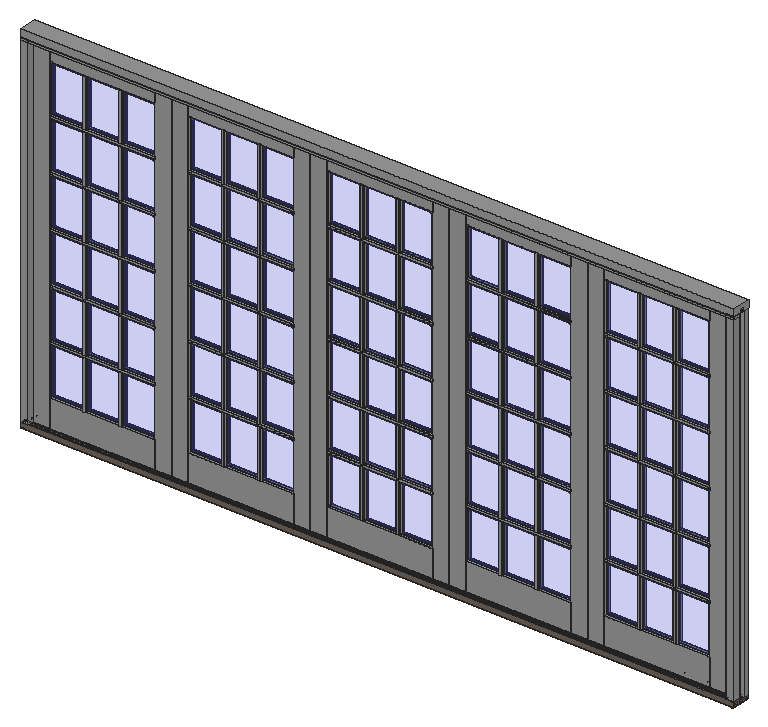
Revit family "VSFA 4190 SP RH", category Doors, host Wall, Revit 2015 (continued)
Forms (mm)
  Sweep 62, solid, material "Lauan, Meranti"
    profile origin (-15.49, -75, 1959) x (0, 0, 1) y (0, -1, 0)
      loop
        line (-9, -78) -> (-9, -80) -> (-7, -80)
        arc (-7, -80) -> (-4.67, -84.366) -> (0, -86) r 6.807
        line (0, -86) -> (0, -78) -> (-9, -78)
  Sweep 63, solid, material "Lauan, Meranti"
    path origin (-241.932, -75, 232.716) x (1, 0, 0) y (0, 0, 1)
      loop
        line (338.612, 1726.284) -> (338.612, 1442.272) -> (536.952, 1442.272) -> (536.952, 1726.284) -> (338.612, 1726.284)
    profile origin (195.85, -75, 1959) x (0, 0, 1) y (0, -1, 0)
      loop
        line (-9, -78) -> (-9, -80) -> (-7, -80)
        arc (-7, -80) -> (-4.67, -84.366) -> (0, -86) r 6.807
        line (0, -86) -> (0, -78) -> (-9, -78)
  Extrusion 64, solid, material "Lauan, Meranti"
    sketch origin (-712, 0, 1187.988) x (1, 0, 0) y (0, 1, 0)
      loop
        line (597.34, -15.5) -> (597.34, -13.5)
        arc (597.34, -13.5) -> (602.01, -11.866) -> (604.34, -7.5) r 6.807
        line (604.34, -7.5) -> (606.34, -7.5) -> (606.34, -5.5) -> (597.34, -5.5) -> (597.34, 24.5) -> (584.34, 24.5) -> (584.34, -5.5) -> (575.34, -5.5) -> (575.34, -7.5) -> (577.34, -7.5)
        arc (577.34, -7.5) -> (579.67, -11.866) -> (584.34, -13.5) r 6.807
        line (584.34, -13.5) -> (584.34, -15.5) -> (597.34, -15.5)
      loop
        line (808.68, -15.5) -> (808.68, -13.5)
        arc (808.68, -13.5) -> (813.35, -11.866) -> (815.68, -7.5) r 6.807
        line (815.68, -7.5) -> (817.68, -7.5) -> (817.68, -5.5) -> (808.68, -5.5) -> (808.68, 24.5) -> (795.68, 24.5) -> (795.68, -5.5) -> (786.68, -5.5) -> (786.68, -7.5) -> (788.68, -7.5)
        arc (788.68, -7.5) -> (791.01, -11.866) -> (795.68, -13.5) r 6.807
        line (795.68, -13.5) -> (795.68, -15.5) -> (808.68, -15.5)
    from 190 to 474
  Sweep 65, solid, material "Lauan, Meranti"
    path origin (-664.612, -75, -64.284) x (1, 0, 0) y (0, 0, 1)
      loop
        line (338.612, 1726.284) -> (338.612, 1442.272) -> (536.952, 1442.272) -> (536.952, 1726.284) -> (338.612, 1726.284)
    profile origin (-226.83, -75, 1662) x (0, 0, 1) y (0, -1, 0)
      loop
        line (-9, -78) -> (-9, -80) -> (-7, -80)
        arc (-7, -80) -> (-4.67, -84.366) -> (0, -86) r 6.807
        line (0, -86) -> (0, -78) -> (-9, -78)
  Sweep 66, solid, material "Lauan, Meranti"
    path origin (-453.272, -75, -64.284) x (1, 0, 0) y (0, 0, 1)
      loop
        line (338.612, 1726.284) -> (338.612, 1442.272) -> (536.952, 1442.272) -> (536.952, 1726.284) -> (338.612, 1726.284)
    profile origin (-15.49, -75, 1662) x (0, 0, 1) y (0, -1, 0)
      loop
        line (-9, -78) -> (-9, -80) -> (-7, -80)
        arc (-7, -80) -> (-4.67, -84.366) -> (0, -86) r 6.807
        line (0, -86) -> (0, -78) -> (-9, -78)
  Sweep 67, solid, material "Lauan, Meranti"
    path origin (-241.932, -75, -64.284) x (1, 0, 0) y (0, 0, 1)
      loop
        line (338.612, 1726.284) -> (338.612, 1442.272) -> (536.952, 1442.272) -> (536.952, 1726.284) -> (338.612, 1726.284)
    profile origin (195.85, -75, 1662) x (0, 0, 1) y (0, -1, 0)
      loop
        line (-9, -78) -> (-9, -80) -> (-7, -80)
        arc (-7, -80) -> (-4.67, -84.366) -> (0, -86) r 6.807
        line (0, -86) -> (0, -78) -> (-9, -78)
  Extrusion 68, solid, material "Lauan, Meranti"
    sketch origin (-712, 0, 890.988) x (1, 0, 0) y (0, 1, 0)
      loop
        line (597.34, -15.5) -> (597.34, -13.5)
        arc (597.34, -13.5) -> (602.01, -11.866) -> (604.34, -7.5) r 6.807
        line (604.34, -7.5) -> (606.34, -7.5) -> (606.34, -5.5) -> (597.34, -5.5) -> (597.34, 24.5) -> (584.34, 24.5) -> (584.34, -5.5) -> (575.34, -5.5) -> (575.34, -7.5) -> (577.34, -7.5)
        arc (577.34, -7.5) -> (579.67, -11.866) -> (584.34, -13.5) r 6.807
        line (584.34, -13.5) -> (584.34, -15.5) -> (597.34, -15.5)
      loop
        line (808.68, -15.5) -> (808.68, -13.5)
        arc (808.68, -13.5) -> (813.35, -11.866) -> (815.68, -7.5) r 6.807
        line (815.68, -7.5) -> (817.68, -7.5) -> (817.68, -5.5) -> (808.68, -5.5) -> (808.68, 24.5) -> (795.68, 24.5) -> (795.68, -5.5) -> (786.68, -5.5) -> (786.68, -7.5) -> (788.68, -7.5)
        arc (788.68, -7.5) -> (791.01, -11.866) -> (795.68, -13.5) r 6.807
        line (795.68, -13.5) -> (795.68, -15.5) -> (808.68, -15.5)
    from 190 to 474
  Sweep 69, solid, material "Lauan, Meranti"
    path origin (-664.612, -75, -361.284) x (1, 0, 0) y (0, 0, 1)
      loop
        line (338.612, 1726.284) -> (338.612, 1442.272) -> (536.952, 1442.272) -> (536.952, 1726.284) -> (338.612, 1726.284)
    profile origin (-226.83, -75, 1365) x (0, 0, 1) y (0, -1, 0)
      loop
        line (-9, -78) -> (-9, -80) -> (-7, -80)
        arc (-7, -80) -> (-4.67, -84.366) -> (0, -86) r 6.807
        line (0, -86) -> (0, -78) -> (-9, -78)
  Sweep 70, solid, material "Lauan, Meranti"
    path origin (-453.272, -75, -361.284) x (1, 0, 0) y (0, 0, 1)
      loop
        line (338.612, 1726.284) -> (338.612, 1442.272) -> (536.952, 1442.272) -> (536.952, 1726.284) -> (338.612, 1726.284)
    profile origin (-15.49, -75, 1365) x (0, 0, 1) y (0, -1, 0)
      loop
        line (-9, -78) -> (-9, -80) -> (-7, -80)
        arc (-7, -80) -> (-4.67, -84.366) -> (0, -86) r 6.807
        line (0, -86) -> (0, -78) -> (-9, -78)
  Sweep 71, solid, material "Lauan, Meranti"
    path origin (-241.932, -75, -361.284) x (1, 0, 0) y (0, 0, 1)
      loop
        line (338.612, 1726.284) -> (338.612, 1442.272) -> (536.952, 1442.272) -> (536.952, 1726.284) -> (338.612, 1726.284)
    profile origin (195.85, -75, 1365) x (0, 0, 1) y (0, -1, 0)
      loop
        line (-9, -78) -> (-9, -80) -> (-7, -80)
        arc (-7, -80) -> (-4.67, -84.366) -> (0, -86) r 6.807
        line (0, -86) -> (0, -78) -> (-9, -78)
  Extrusion 72, solid, material "Lauan, Meranti"
    sketch origin (-712, 0, 593.988) x (1, 0, 0) y (0, 1, 0)
      loop
        line (597.34, -15.5) -> (597.34, -13.5)
        arc (597.34, -13.5) -> (602.01, -11.866) -> (604.34, -7.5) r 6.807
        line (604.34, -7.5) -> (606.34, -7.5) -> (606.34, -5.5) -> (597.34, -5.5) -> (597.34, 24.5) -> (584.34, 24.5) -> (584.34, -5.5) -> (575.34, -5.5) -> (575.34, -7.5) -> (577.34, -7.5)
        arc (577.34, -7.5) -> (579.67, -11.866) -> (584.34, -13.5) r 6.807
        line (584.34, -13.5) -> (584.34, -15.5) -> (597.34, -15.5)
      loop
        line (808.68, -15.5) -> (808.68, -13.5)
        arc (808.68, -13.5) -> (813.35, -11.866) -> (815.68, -7.5) r 6.807
        line (815.68, -7.5) -> (817.68, -7.5) -> (817.68, -5.5) -> (808.68, -5.5) -> (808.68, 24.5) -> (795.68, 24.5) -> (795.68, -5.5) -> (786.68, -5.5) -> (786.68, -7.5) -> (788.68, -7.5)
        arc (788.68, -7.5) -> (791.01, -11.866) -> (795.68, -13.5) r 6.807
        line (795.68, -13.5) -> (795.68, -15.5) -> (808.68, -15.5)
    from 190 to 474
  Sweep 73, solid, material "Lauan, Meranti"
    path origin (-664.612, -75, -658.284) x (1, 0, 0) y (0, 0, 1)
      loop
        line (338.612, 1726.284) -> (338.612, 1442.272) -> (536.952, 1442.272) -> (536.952, 1726.284) -> (338.612, 1726.284)
    profile origin (-226.83, -75, 1068) x (0, 0, 1) y (0, -1, 0)
      loop
        line (-9, -78) -> (-9, -80) -> (-7, -80)
        arc (-7, -80) -> (-4.67, -84.366) -> (0, -86) r 6.807
        line (0, -86) -> (0, -78) -> (-9, -78)
  Sweep 74, solid, material "Lauan, Meranti"
    path origin (-453.272, -75, -658.284) x (1, 0, 0) y (0, 0, 1)
      loop
        line (338.612, 1726.284) -> (338.612, 1442.272) -> (536.952, 1442.272) -> (536.952, 1726.284) -> (338.612, 1726.284)
    profile origin (-15.49, -75, 1068) x (0, 0, 1) y (0, -1, 0)
      loop
        line (-9, -78) -> (-9, -80) -> (-7, -80)
        arc (-7, -80) -> (-4.67, -84.366) -> (0, -86) r 6.807
        line (0, -86) -> (0, -78) -> (-9, -78)
  Sweep 75, solid, material "Lauan, Meranti"
    path origin (-241.932, -75, -658.284) x (1, 0, 0) y (0, 0, 1)
      loop
        line (338.612, 1726.284) -> (338.612, 1442.272) -> (536.952, 1442.272) -> (536.952, 1726.284) -> (338.612, 1726.284)
    profile origin (195.85, -75, 1068) x (0, 0, 1) y (0, -1, 0)
      loop
        line (-9, -78) -> (-9, -80) -> (-7, -80)
        arc (-7, -80) -> (-4.67, -84.366) -> (0, -86) r 6.807
        line (0, -86) -> (0, -78) -> (-9, -78)
  Extrusion 76, solid, material "Lauan, Meranti"
    sketch origin (-712, 0, 296.988) x (1, 0, 0) y (0, 1, 0)
      loop
        line (597.34, -15.5) -> (597.34, -13.5)
        arc (597.34, -13.5) -> (602.01, -11.866) -> (604.34, -7.5) r 6.807
        line (604.34, -7.5) -> (606.34, -7.5) -> (606.34, -5.5) -> (597.34, -5.5) -> (597.34, 24.5) -> (584.34, 24.5) -> (584.34, -5.5) -> (575.34, -5.5) -> (575.34, -7.5) -> (577.34, -7.5)
        arc (577.34, -7.5) -> (579.67, -11.866) -> (584.34, -13.5) r 6.807
        line (584.34, -13.5) -> (584.34, -15.5) -> (597.34, -15.5)
      loop
        line (808.68, -15.5) -> (808.68, -13.5)
        arc (808.68, -13.5) -> (813.35, -11.866) -> (815.68, -7.5) r 6.807
        line (815.68, -7.5) -> (817.68, -7.5) -> (817.68, -5.5) -> (808.68, -5.5) -> (808.68, 24.5) -> (795.68, 24.5) -> (795.68, -5.5) -> (786.68, -5.5) -> (786.68, -7.5) -> (788.68, -7.5)
        arc (788.68, -7.5) -> (791.01, -11.866) -> (795.68, -13.5) r 6.807
        line (795.68, -13.5) -> (795.68, -15.5) -> (808.68, -15.5)
    from 190 to 474
  Sweep 77, solid, material "Lauan, Meranti"
    path origin (-664.612, -75, -955.284) x (1, 0, 0) y (0, 0, 1)
      loop
        line (338.612, 1726.284) -> (338.612, 1442.272) -> (536.952, 1442.272) -> (536.952, 1726.284) -> (338.612, 1726.284)
    profile origin (-226.83, -75, 771) x (0, 0, 1) y (0, -1, 0)
      loop
        line (-9, -78) -> (-9, -80) -> (-7, -80)
        arc (-7, -80) -> (-4.67, -84.366) -> (0, -86) r 6.807
        line (0, -86) -> (0, -78) -> (-9, -78)
  Sweep 78, solid, material "Lauan, Meranti"
    path origin (-453.272, -75, -955.284) x (1, 0, 0) y (0, 0, 1)
      loop
        line (338.612, 1726.284) -> (338.612, 1442.272) -> (536.952, 1442.272) -> (536.952, 1726.284) -> (338.612, 1726.284)
    profile origin (-15.49, -75, 771) x (0, 0, 1) y (0, -1, 0)
      loop
        line (-9, -78) -> (-9, -80) -> (-7, -80)
        arc (-7, -80) -> (-4.67, -84.366) -> (0, -86) r 6.807
        line (0, -86) -> (0, -78) -> (-9, -78)
  Sweep 79, solid, material "Lauan, Meranti"
    path origin (-241.932, -75, -955.284) x (1, 0, 0) y (0, 0, 1)
      loop
        line (338.612, 1726.284) -> (338.612, 1442.272) -> (536.952, 1442.272) -> (536.952, 1726.284) -> (338.612, 1726.284)
    profile origin (195.85, -75, 771) x (0, 0, 1) y (0, -1, 0)
      loop
        line (-9, -78) -> (-9, -80) -> (-7, -80)
        arc (-7, -80) -> (-4.67, -84.366) -> (0, -86) r 6.807
        line (0, -86) -> (0, -78) -> (-9, -78)
  Extrusion 80, solid, material "Lauan, Meranti"
    sketch origin (-970.765, 0, 0) x (0, 1, 0) y (0, 0, 1)
      loop
        line (-15.5, 190) -> (-15.5, 19) -> (24.5, 19) -> (24.5, 190) -> (-5.5, 190) -> (-5.5, 199) -> (-7.5, 199) -> (-7.5, 197)
        arc (-7.5, 197) -> (-11.866, 194.67) -> (-13.5, 190) r 6.807
        line (-13.5, 190) -> (-15.5, 190)
      loop
        line (-7.5, 1952) -> (-7.5, 1950) -> (-5.5, 1950) -> (-5.5, 1959) -> (24.5, 1959) -> (24.5, 2055) -> (-15.5, 2055) -> (-15.5, 1959) -> (-13.5, 1959)
        arc (-13.5, 1959) -> (-11.866, 1954.33) -> (-7.5, 1952) r 6.807
      loop
        line (-15.5, 1675) -> (-15.5, 1662) -> (-13.5, 1662)
        arc (-13.5, 1662) -> (-11.866, 1657.33) -> (-7.5, 1655) r 6.807
        line (-7.5, 1655) -> (-7.5, 1653) -> (-5.5, 1653) -> (-5.5, 1662) -> (24.5, 1662) -> (24.5, 1675) -> (-5.5, 1675) -> (-5.5, 1684) -> (-7.5, 1684) -> (-7.5, 1682)
        arc (-7.5, 1682) -> (-11.866, 1679.67) -> (-13.5, 1675) r 6.807
        line (-13.5, 1675) -> (-15.5, 1675)
      loop
        line (-15.5, 1378) -> (-15.5, 1365) -> (-13.5, 1365)
        arc (-13.5, 1365) -> (-11.866, 1360.33) -> (-7.5, 1358) r 6.807
        line (-7.5, 1358) -> (-7.5, 1356) -> (-5.5, 1356) -> (-5.5, 1365) -> (24.5, 1365) -> (24.5, 1378) -> (-5.5, 1378) -> (-5.5, 1387) -> (-7.5, 1387) -> (-7.5, 1385)
        arc (-7.5, 1385) -> (-11.866, 1382.67) -> (-13.5, 1378) r 6.807
        line (-13.5, 1378) -> (-15.5, 1378)
      loop
        line (-15.5, 1081) -> (-15.5, 1068) -> (-13.5, 1068)
        arc (-13.5, 1068) -> (-11.866, 1063.33) -> (-7.5, 1061) r 6.807
        line (-7.5, 1061) -> (-7.5, 1059) -> (-5.5, 1059) -> (-5.5, 1068) -> (24.5, 1068) -> (24.5, 1081) -> (-5.5, 1081) -> (-5.5, 1090) -> (-7.5, 1090) -> (-7.5, 1088)
        arc (-7.5, 1088) -> (-11.866, 1085.67) -> (-13.5, 1081) r 6.807
        line (-13.5, 1081) -> (-15.5, 1081)
      loop
        line (-15.5, 784) -> (-15.5, 771) -> (-13.5, 771)
        arc (-13.5, 771) -> (-11.866, 766.33) -> (-7.5, 764) r 6.807
        line (-7.5, 764) -> (-7.5, 762) -> (-5.5, 762) -> (-5.5, 771) -> (24.5, 771) -> (24.5, 784) -> (-5.5, 784) -> (-5.5, 793) -> (-7.5, 793) -> (-7.5, 791)
        arc (-7.5, 791) -> (-11.866, 788.67) -> (-13.5, 784) r 6.807
        line (-13.5, 784) -> (-15.5, 784)
      loop
        line (-15.5, 487) -> (-15.5, 474) -> (-13.5, 474)
        arc (-13.5, 474) -> (-11.866, 469.33) -> (-7.5, 467) r 6.807
        line (-7.5, 467) -> (-7.5, 465) -> (-5.5, 465) -> (-5.5, 474) -> (24.5, 474) -> (24.5, 487) -> (-5.5, 487) -> (-5.5, 496) -> (-7.5, 496) -> (-7.5, 494)
        arc (-7.5, 494) -> (-11.866, 491.67) -> (-13.5, 487) r 6.807
        line (-13.5, 487) -> (-15.5, 487)
    from -169.235 to 451.765
  Extrusion 81, solid, material "Glass"
    sketch origin (-994.192, -110.55, -763.769) x (1, 0, 0) y (0, 0, 1)
      loop
        line (-145.808, 2722.769) -> (-145.808, 2438.757) -> (52.532, 2438.757) -> (52.532, 2722.769) -> (-145.808, 2722.769)
      loop
        line (65.532, 2722.769) -> (65.532, 2438.757) -> (263.872, 2438.757) -> (263.872, 2722.769) -> (65.532, 2722.769)
      loop
        line (276.872, 2722.769) -> (276.872, 2438.757) -> (475.212, 2438.757) -> (475.212, 2722.769) -> (276.872, 2722.769)
      loop
        line (-145.808, 2425.769) -> (-145.808, 2141.757) -> (52.532, 2141.757) -> (52.532, 2425.769) -> (-145.808, 2425.769)
      loop
        line (65.532, 2425.769) -> (65.532, 2141.757) -> (263.872, 2141.757) -> (263.872, 2425.769) -> (65.532, 2425.769)
      loop
        line (276.872, 2425.769) -> (276.872, 2141.757) -> (475.212, 2141.757) -> (475.212, 2425.769) -> (276.872, 2425.769)
      loop
        line (-145.808, 2128.769) -> (-145.808, 1844.757) -> (52.532, 1844.757) -> (52.532, 2128.769) -> (-145.808, 2128.769)
      loop
        line (65.532, 2128.769) -> (65.532, 1844.757) -> (263.872, 1844.757) -> (263.872, 2128.769) -> (65.532, 2128.769)
      loop
        line (276.872, 2128.769) -> (276.872, 1844.757) -> (475.212, 1844.757) -> (475.212, 2128.769) -> (276.872, 2128.769)
      loop
        line (-145.808, 1831.769) -> (-145.808, 1547.757) -> (52.532, 1547.757) -> (52.532, 1831.769) -> (-145.808, 1831.769)
      loop
        line (65.532, 1831.769) -> (65.532, 1547.757) -> (263.872, 1547.757) -> (263.872, 1831.769) -> (65.532, 1831.769)
      loop
        line (276.872, 1831.769) -> (276.872, 1547.757) -> (475.212, 1547.757) -> (475.212, 1831.769) -> (276.872, 1831.769)
      loop
        line (-145.808, 1534.769) -> (-145.808, 1250.757) -> (52.532, 1250.757) -> (52.532, 1534.769) -> (-145.808, 1534.769)
      loop
        line (65.532, 1534.769) -> (65.532, 1250.757) -> (263.872, 1250.757) -> (263.872, 1534.769) -> (65.532, 1534.769)
      loop
        line (276.872, 1534.769) -> (276.872, 1250.757) -> (475.212, 1250.757) -> (475.212, 1534.769) -> (276.872, 1534.769)
      loop
        line (-145.808, 1237.769) -> (-145.808, 953.757) -> (52.532, 953.757) -> (52.532, 1237.769) -> (-145.808, 1237.769)
      loop
        line (65.532, 1237.769) -> (65.532, 953.757) -> (263.872, 953.757) -> (263.872, 1237.769) -> (65.532, 1237.769)
      loop
        line (276.872, 1237.769) -> (276.872, 953.757) -> (475.212, 953.757) -> (475.212, 1237.769) -> (276.872, 1237.769)
    from -112.5 to -106.1
  Extrusion 82, solid, material "Lauan, Meranti"
    sketch origin (-1526, 0, 1484.988) x (1, 0, 0) y (0, 1, 0)
      loop
        line (597.34, -15.5) -> (597.34, -13.5)
        arc (597.34, -13.5) -> (602.01, -11.866) -> (604.34, -7.5) r 6.807
        line (604.34, -7.5) -> (606.34, -7.5) -> (606.34, -5.5) -> (597.34, -5.5) -> (597.34, 24.5) -> (584.34, 24.5) -> (584.34, -5.5) -> (575.34, -5.5) -> (575.34, -7.5) -> (577.34, -7.5)
        arc (577.34, -7.5) -> (579.67, -11.866) -> (584.34, -13.5) r 6.807
        line (584.34, -13.5) -> (584.34, -15.5) -> (597.34, -15.5)
      loop
        line (808.68, -15.5) -> (808.68, -13.5)
        arc (808.68, -13.5) -> (813.35, -11.866) -> (815.68, -7.5) r 6.807
        line (815.68, -7.5) -> (817.68, -7.5) -> (817.68, -5.5) -> (808.68, -5.5) -> (808.68, 24.5) -> (795.68, 24.5) -> (795.68, -5.5) -> (786.68, -5.5) -> (786.68, -7.5) -> (788.68, -7.5)
        arc (788.68, -7.5) -> (791.01, -11.866) -> (795.68, -13.5) r 6.807
        line (795.68, -13.5) -> (795.68, -15.5) -> (808.68, -15.5)
    from 190 to 474
  Sweep 83, solid, material "Lauan, Meranti"
    path origin (-1478.612, -75, 232.716) x (1, 0, 0) y (0, 0, 1)
      loop
        line (338.612, 1726.284) -> (338.612, 1442.272) -> (536.952, 1442.272) -> (536.952, 1726.284) -> (338.612, 1726.284)
    profile origin (-1040.83, -75, 1959) x (0, 0, 1) y (0, -1, 0)
      loop
        line (-9, -78) -> (-9, -80) -> (-7, -80)
        arc (-7, -80) -> (-4.67, -84.366) -> (0, -86) r 6.807
        line (0, -86) -> (0, -78) -> (-9, -78)
  Sweep 84, solid, material "Lauan, Meranti"
    path origin (-1267.272, -75, 232.716) x (1, 0, 0) y (0, 0, 1)
      loop
        line (338.612, 1726.284) -> (338.612, 1442.272) -> (536.952, 1442.272) -> (536.952, 1726.284) -> (338.612, 1726.284)
    profile origin (-829.49, -75, 1959) x (0, 0, 1) y (0, -1, 0)
      loop
        line (-9, -78) -> (-9, -80) -> (-7, -80)
        arc (-7, -80) -> (-4.67, -84.366) -> (0, -86) r 6.807
        line (0, -86) -> (0, -78) -> (-9, -78)
  Sweep 85, solid, material "Lauan, Meranti"
    path origin (-1055.932, -75, 232.716) x (1, 0, 0) y (0, 0, 1)
      loop
        line (338.612, 1726.284) -> (338.612, 1442.272) -> (536.952, 1442.272) -> (536.952, 1726.284) -> (338.612, 1726.284)
    profile origin (-618.15, -75, 1959) x (0, 0, 1) y (0, -1, 0)
      loop
        line (-9, -78) -> (-9, -80) -> (-7, -80)
        arc (-7, -80) -> (-4.67, -84.366) -> (0, -86) r 6.807
        line (0, -86) -> (0, -78) -> (-9, -78)
  Extrusion 86, solid, material "Lauan, Meranti"
    sketch origin (-1526, 0, 1187.988) x (1, 0, 0) y (0, 1, 0)
      loop
        line (597.34, -15.5) -> (597.34, -13.5)
        arc (597.34, -13.5) -> (602.01, -11.866) -> (604.34, -7.5) r 6.807
        line (604.34, -7.5) -> (606.34, -7.5) -> (606.34, -5.5) -> (597.34, -5.5) -> (597.34, 24.5) -> (584.34, 24.5) -> (584.34, -5.5) -> (575.34, -5.5) -> (575.34, -7.5) -> (577.34, -7.5)
        arc (577.34, -7.5) -> (579.67, -11.866) -> (584.34, -13.5) r 6.807
        line (584.34, -13.5) -> (584.34, -15.5) -> (597.34, -15.5)
      loop
        line (808.68, -15.5) -> (808.68, -13.5)
        arc (808.68, -13.5) -> (813.35, -11.866) -> (815.68, -7.5) r 6.807
        line (815.68, -7.5) -> (817.68, -7.5) -> (817.68, -5.5) -> (808.68, -5.5) -> (808.68, 24.5) -> (795.68, 24.5) -> (795.68, -5.5) -> (786.68, -5.5) -> (786.68, -7.5) -> (788.68, -7.5)
        arc (788.68, -7.5) -> (791.01, -11.866) -> (795.68, -13.5) r 6.807
        line (795.68, -13.5) -> (795.68, -15.5) -> (808.68, -15.5)
    from 190 to 474
  Sweep 87, solid, material "Lauan, Meranti"
    path origin (-1478.612, -75, -64.284) x (1, 0, 0) y (0, 0, 1)
      loop
        line (338.612, 1726.284) -> (338.612, 1442.272) -> (536.952, 1442.272) -> (536.952, 1726.284) -> (338.612, 1726.284)
    profile origin (-1040.83, -75, 1662) x (0, 0, 1) y (0, -1, 0)
      loop
        line (-9, -78) -> (-9, -80) -> (-7, -80)
        arc (-7, -80) -> (-4.67, -84.366) -> (0, -86) r 6.807
        line (0, -86) -> (0, -78) -> (-9, -78)
  Sweep 88, solid, material "Lauan, Meranti"
    path origin (-1267.272, -75, -64.284) x (1, 0, 0) y (0, 0, 1)
      loop
        line (338.612, 1726.284) -> (338.612, 1442.272) -> (536.952, 1442.272) -> (536.952, 1726.284) -> (338.612, 1726.284)
    profile origin (-829.49, -75, 1662) x (0, 0, 1) y (0, -1, 0)
      loop
        line (-9, -78) -> (-9, -80) -> (-7, -80)
        arc (-7, -80) -> (-4.67, -84.366) -> (0, -86) r 6.807
        line (0, -86) -> (0, -78) -> (-9, -78)
  Sweep 89, solid, material "Lauan, Meranti"
    path origin (-1055.932, -75, -64.284) x (1, 0, 0) y (0, 0, 1)
      loop
        line (338.612, 1726.284) -> (338.612, 1442.272) -> (536.952, 1442.272) -> (536.952, 1726.284) -> (338.612, 1726.284)
    profile origin (-618.15, -75, 1662) x (0, 0, 1) y (0, -1, 0)
      loop
        line (-9, -78) -> (-9, -80) -> (-7, -80)
        arc (-7, -80) -> (-4.67, -84.366) -> (0, -86) r 6.807
        line (0, -86) -> (0, -78) -> (-9, -78)
  Extrusion 90, solid, material "Lauan, Meranti"
    sketch origin (-1526, 0, 890.988) x (1, 0, 0) y (0, 1, 0)
      loop
        line (597.34, -15.5) -> (597.34, -13.5)
        arc (597.34, -13.5) -> (602.01, -11.866) -> (604.34, -7.5) r 6.807
        line (604.34, -7.5) -> (606.34, -7.5) -> (606.34, -5.5) -> (597.34, -5.5) -> (597.34, 24.5) -> (584.34, 24.5) -> (584.34, -5.5) -> (575.34, -5.5) -> (575.34, -7.5) -> (577.34, -7.5)
        arc (577.34, -7.5) -> (579.67, -11.866) -> (584.34, -13.5) r 6.807
        line (584.34, -13.5) -> (584.34, -15.5) -> (597.34, -15.5)
      loop
        line (808.68, -15.5) -> (808.68, -13.5)
        arc (808.68, -13.5) -> (813.35, -11.866) -> (815.68, -7.5) r 6.807
        line (815.68, -7.5) -> (817.68, -7.5) -> (817.68, -5.5) -> (808.68, -5.5) -> (808.68, 24.5) -> (795.68, 24.5) -> (795.68, -5.5) -> (786.68, -5.5) -> (786.68, -7.5) -> (788.68, -7.5)
        arc (788.68, -7.5) -> (791.01, -11.866) -> (795.68, -13.5) r 6.807
        line (795.68, -13.5) -> (795.68, -15.5) -> (808.68, -15.5)
    from 190 to 474
  Sweep 91, solid, material "Lauan, Meranti"
    path origin (-1478.612, -75, -361.284) x (1, 0, 0) y (0, 0, 1)
      loop
        line (338.612, 1726.284) -> (338.612, 1442.272) -> (536.952, 1442.272) -> (536.952, 1726.284) -> (338.612, 1726.284)
    profile origin (-1040.83, -75, 1365) x (0, 0, 1) y (0, -1, 0)
      loop
        line (-9, -78) -> (-9, -80) -> (-7, -80)
        arc (-7, -80) -> (-4.67, -84.366) -> (0, -86) r 6.807
        line (0, -86) -> (0, -78) -> (-9, -78)
  Sweep 92, solid, material "Lauan, Meranti"
    path origin (-1267.272, -75, -361.284) x (1, 0, 0) y (0, 0, 1)
      loop
        line (338.612, 1726.284) -> (338.612, 1442.272) -> (536.952, 1442.272) -> (536.952, 1726.284) -> (338.612, 1726.284)
    profile origin (-829.49, -75, 1365) x (0, 0, 1) y (0, -1, 0)
      loop
        line (-9, -78) -> (-9, -80) -> (-7, -80)
        arc (-7, -80) -> (-4.67, -84.366) -> (0, -86) r 6.807
        line (0, -86) -> (0, -78) -> (-9, -78)
  Sweep 93, solid, material "Lauan, Meranti"
    path origin (-1055.932, -75, -361.284) x (1, 0, 0) y (0, 0, 1)
      loop
        line (338.612, 1726.284) -> (338.612, 1442.272) -> (536.952, 1442.272) -> (536.952, 1726.284) -> (338.612, 1726.284)
    profile origin (-618.15, -75, 1365) x (0, 0, 1) y (0, -1, 0)
      loop
        line (-9, -78) -> (-9, -80) -> (-7, -80)
        arc (-7, -80) -> (-4.67, -84.366) -> (0, -86) r 6.807
        line (0, -86) -> (0, -78) -> (-9, -78)
  Extrusion 94, solid, material "Lauan, Meranti"
    sketch origin (-1526, 0, 593.988) x (1, 0, 0) y (0, 1, 0)
      loop
        line (597.34, -15.5) -> (597.34, -13.5)
        arc (597.34, -13.5) -> (602.01, -11.866) -> (604.34, -7.5) r 6.807
        line (604.34, -7.5) -> (606.34, -7.5) -> (606.34, -5.5) -> (597.34, -5.5) -> (597.34, 24.5) -> (584.34, 24.5) -> (584.34, -5.5) -> (575.34, -5.5) -> (575.34, -7.5) -> (577.34, -7.5)
        arc (577.34, -7.5) -> (579.67, -11.866) -> (584.34, -13.5) r 6.807
        line (584.34, -13.5) -> (584.34, -15.5) -> (597.34, -15.5)
      loop
        line (808.68, -15.5) -> (808.68, -13.5)
        arc (808.68, -13.5) -> (813.35, -11.866) -> (815.68, -7.5) r 6.807
        line (815.68, -7.5) -> (817.68, -7.5) -> (817.68, -5.5) -> (808.68, -5.5) -> (808.68, 24.5) -> (795.68, 24.5) -> (795.68, -5.5) -> (786.68, -5.5) -> (786.68, -7.5) -> (788.68, -7.5)
        arc (788.68, -7.5) -> (791.01, -11.866) -> (795.68, -13.5) r 6.807
        line (795.68, -13.5) -> (795.68, -15.5) -> (808.68, -15.5)
    from 190 to 474
  Sweep 95, solid, material "Lauan, Meranti"
    path origin (-1478.612, -75, -658.284) x (1, 0, 0) y (0, 0, 1)
      loop
        line (338.612, 1726.284) -> (338.612, 1442.272) -> (536.952, 1442.272) -> (536.952, 1726.284) -> (338.612, 1726.284)
    profile origin (-1040.83, -75, 1068) x (0, 0, 1) y (0, -1, 0)
      loop
        line (-9, -78) -> (-9, -80) -> (-7, -80)
        arc (-7, -80) -> (-4.67, -84.366) -> (0, -86) r 6.807
        line (0, -86) -> (0, -78) -> (-9, -78)
  Sweep 96, solid, material "Lauan, Meranti"
    path origin (-1267.272, -75, -658.284) x (1, 0, 0) y (0, 0, 1)
      loop
        line (338.612, 1726.284) -> (338.612, 1442.272) -> (536.952, 1442.272) -> (536.952, 1726.284) -> (338.612, 1726.284)
    profile origin (-829.49, -75, 1068) x (0, 0, 1) y (0, -1, 0)
      loop
        line (-9, -78) -> (-9, -80) -> (-7, -80)
        arc (-7, -80) -> (-4.67, -84.366) -> (0, -86) r 6.807
        line (0, -86) -> (0, -78) -> (-9, -78)
  Sweep 97, solid, material "Lauan, Meranti"
    path origin (-1055.932, -75, -658.284) x (1, 0, 0) y (0, 0, 1)
      loop
        line (338.612, 1726.284) -> (338.612, 1442.272) -> (536.952, 1442.272) -> (536.952, 1726.284) -> (338.612, 1726.284)
    profile origin (-618.15, -75, 1068) x (0, 0, 1) y (0, -1, 0)
      loop
        line (-9, -78) -> (-9, -80) -> (-7, -80)
        arc (-7, -80) -> (-4.67, -84.366) -> (0, -86) r 6.807
        line (0, -86) -> (0, -78) -> (-9, -78)
  Extrusion 98, solid, material "Lauan, Meranti"
    sketch origin (-1526, 0, 296.988) x (1, 0, 0) y (0, 1, 0)
      loop
        line (597.34, -15.5) -> (597.34, -13.5)
        arc (597.34, -13.5) -> (602.01, -11.866) -> (604.34, -7.5) r 6.807
        line (604.34, -7.5) -> (606.34, -7.5) -> (606.34, -5.5) -> (597.34, -5.5) -> (597.34, 24.5) -> (584.34, 24.5) -> (584.34, -5.5) -> (575.34, -5.5) -> (575.34, -7.5) -> (577.34, -7.5)
        arc (577.34, -7.5) -> (579.67, -11.866) -> (584.34, -13.5) r 6.807
        line (584.34, -13.5) -> (584.34, -15.5) -> (597.34, -15.5)
      loop
        line (808.68, -15.5) -> (808.68, -13.5)
        arc (808.68, -13.5) -> (813.35, -11.866) -> (815.68, -7.5) r 6.807
        line (815.68, -7.5) -> (817.68, -7.5) -> (817.68, -5.5) -> (808.68, -5.5) -> (808.68, 24.5) -> (795.68, 24.5) -> (795.68, -5.5) -> (786.68, -5.5) -> (786.68, -7.5) -> (788.68, -7.5)
        arc (788.68, -7.5) -> (791.01, -11.866) -> (795.68, -13.5) r 6.807
        line (795.68, -13.5) -> (795.68, -15.5) -> (808.68, -15.5)
    from 190 to 474
  Sweep 99, solid, material "Lauan, Meranti"
    path origin (-1478.612, -75, -955.284) x (1, 0, 0) y (0, 0, 1)
      loop
        line (338.612, 1726.284) -> (338.612, 1442.272) -> (536.952, 1442.272) -> (536.952, 1726.284) -> (338.612, 1726.284)
    profile origin (-1040.83, -75, 771) x (0, 0, 1) y (0, -1, 0)
      loop
        line (-9, -78) -> (-9, -80) -> (-7, -80)
        arc (-7, -80) -> (-4.67, -84.366) -> (0, -86) r 6.807
        line (0, -86) -> (0, -78) -> (-9, -78)
  Sweep 100, solid, material "Lauan, Meranti"
    path origin (-1267.272, -75, -955.284) x (1, 0, 0) y (0, 0, 1)
      loop
        line (338.612, 1726.284) -> (338.612, 1442.272) -> (536.952, 1442.272) -> (536.952, 1726.284) -> (338.612, 1726.284)
    profile origin (-829.49, -75, 771) x (0, 0, 1) y (0, -1, 0)
      loop
        line (-9, -78) -> (-9, -80) -> (-7, -80)
        arc (-7, -80) -> (-4.67, -84.366) -> (0, -86) r 6.807
        line (0, -86) -> (0, -78) -> (-9, -78)
  Sweep 101, solid, material "Lauan, Meranti"
    path origin (-1055.932, -75, -955.284) x (1, 0, 0) y (0, 0, 1)
      loop
        line (338.612, 1726.284) -> (338.612, 1442.272) -> (536.952, 1442.272) -> (536.952, 1726.284) -> (338.612, 1726.284)
    profile origin (-618.15, -75, 771) x (0, 0, 1) y (0, -1, 0)
      loop
        line (-9, -78) -> (-9, -80) -> (-7, -80)
        arc (-7, -80) -> (-4.67, -84.366) -> (0, -86) r 6.807
        line (0, -86) -> (0, -78) -> (-9, -78)
  Extrusion 102, solid, material "Lauan, Meranti"
    sketch origin (-1784.765, 0, 0) x (0, 1, 0) y (0, 0, 1)
      loop
        line (-15.5, 190) -> (-15.5, 19) -> (24.5, 19) -> (24.5, 190) -> (-5.5, 190) -> (-5.5, 199) -> (-7.5, 199) -> (-7.5, 197)
        arc (-7.5, 197) -> (-11.866, 194.67) -> (-13.5, 190) r 6.807
        line (-13.5, 190) -> (-15.5, 190)
      loop
        line (-7.5, 1952) -> (-7.5, 1950) -> (-5.5, 1950) -> (-5.5, 1959) -> (24.5, 1959) -> (24.5, 2055) -> (-15.5, 2055) -> (-15.5, 1959) -> (-13.5, 1959)
        arc (-13.5, 1959) -> (-11.866, 1954.33) -> (-7.5, 1952) r 6.807
      loop
        line (-15.5, 1675) -> (-15.5, 1662) -> (-13.5, 1662)
        arc (-13.5, 1662) -> (-11.866, 1657.33) -> (-7.5, 1655) r 6.807
        line (-7.5, 1655) -> (-7.5, 1653) -> (-5.5, 1653) -> (-5.5, 1662) -> (24.5, 1662) -> (24.5, 1675) -> (-5.5, 1675) -> (-5.5, 1684) -> (-7.5, 1684) -> (-7.5, 1682)
        arc (-7.5, 1682) -> (-11.866, 1679.67) -> (-13.5, 1675) r 6.807
        line (-13.5, 1675) -> (-15.5, 1675)
      loop
        line (-15.5, 1378) -> (-15.5, 1365) -> (-13.5, 1365)
        arc (-13.5, 1365) -> (-11.866, 1360.33) -> (-7.5, 1358) r 6.807
        line (-7.5, 1358) -> (-7.5, 1356) -> (-5.5, 1356) -> (-5.5, 1365) -> (24.5, 1365) -> (24.5, 1378) -> (-5.5, 1378) -> (-5.5, 1387) -> (-7.5, 1387) -> (-7.5, 1385)
        arc (-7.5, 1385) -> (-11.866, 1382.67) -> (-13.5, 1378) r 6.807
        line (-13.5, 1378) -> (-15.5, 1378)
      loop
        line (-15.5, 1081) -> (-15.5, 1068) -> (-13.5, 1068)
        arc (-13.5, 1068) -> (-11.866, 1063.33) -> (-7.5, 1061) r 6.807
        line (-7.5, 1061) -> (-7.5, 1059) -> (-5.5, 1059) -> (-5.5, 1068) -> (24.5, 1068) -> (24.5, 1081) -> (-5.5, 1081) -> (-5.5, 1090) -> (-7.5, 1090) -> (-7.5, 1088)
        arc (-7.5, 1088) -> (-11.866, 1085.67) -> (-13.5, 1081) r 6.807
        line (-13.5, 1081) -> (-15.5, 1081)
      loop
        line (-15.5, 784) -> (-15.5, 771) -> (-13.5, 771)
        arc (-13.5, 771) -> (-11.866, 766.33) -> (-7.5, 764) r 6.807
        line (-7.5, 764) -> (-7.5, 762) -> (-5.5, 762) -> (-5.5, 771) -> (24.5, 771) -> (24.5, 784) -> (-5.5, 784) -> (-5.5, 793) -> (-7.5, 793) -> (-7.5, 791)
        arc (-7.5, 791) -> (-11.866, 788.67) -> (-13.5, 784) r 6.807
        line (-13.5, 784) -> (-15.5, 784)
      loop
        line (-15.5, 487) -> (-15.5, 474) -> (-13.5, 474)
        arc (-13.5, 474) -> (-11.866, 469.33) -> (-7.5, 467) r 6.807
        line (-7.5, 467) -> (-7.5, 465) -> (-5.5, 465) -> (-5.5, 474) -> (24.5, 474) -> (24.5, 487) -> (-5.5, 487) -> (-5.5, 496) -> (-7.5, 496) -> (-7.5, 494)
        arc (-7.5, 494) -> (-11.866, 491.67) -> (-13.5, 487) r 6.807
        line (-13.5, 487) -> (-15.5, 487)
    from -169.235 to 451.765
  Extrusion 103, solid, material "Glass"
    sketch origin (-1808.192, -110.55, -763.769) x (1, 0, 0) y (0, 0, 1)
      loop
        line (-145.808, 2722.769) -> (-145.808, 2438.757) -> (52.532, 2438.757) -> (52.532, 2722.769) -> (-145.808, 2722.769)
      loop
        line (65.532, 2722.769) -> (65.532, 2438.757) -> (263.872, 2438.757) -> (263.872, 2722.769) -> (65.532, 2722.769)
      loop
        line (276.872, 2722.769) -> (276.872, 2438.757) -> (475.212, 2438.757) -> (475.212, 2722.769) -> (276.872, 2722.769)
      loop
        line (-145.808, 2425.769) -> (-145.808, 2141.757) -> (52.532, 2141.757) -> (52.532, 2425.769) -> (-145.808, 2425.769)
      loop
        line (65.532, 2425.769) -> (65.532, 2141.757) -> (263.872, 2141.757) -> (263.872, 2425.769) -> (65.532, 2425.769)
      loop
        line (276.872, 2425.769) -> (276.872, 2141.757) -> (475.212, 2141.757) -> (475.212, 2425.769) -> (276.872, 2425.769)
      loop
        line (-145.808, 2128.769) -> (-145.808, 1844.757) -> (52.532, 1844.757) -> (52.532, 2128.769) -> (-145.808, 2128.769)
      loop
        line (65.532, 2128.769) -> (65.532, 1844.757) -> (263.872, 1844.757) -> (263.872, 2128.769) -> (65.532, 2128.769)
      loop
        line (276.872, 2128.769) -> (276.872, 1844.757) -> (475.212, 1844.757) -> (475.212, 2128.769) -> (276.872, 2128.769)
      loop
        line (-145.808, 1831.769) -> (-145.808, 1547.757) -> (52.532, 1547.757) -> (52.532, 1831.769) -> (-145.808, 1831.769)
      loop
        line (65.532, 1831.769) -> (65.532, 1547.757) -> (263.872, 1547.757) -> (263.872, 1831.769) -> (65.532, 1831.769)
      loop
        line (276.872, 1831.769) -> (276.872, 1547.757) -> (475.212, 1547.757) -> (475.212, 1831.769) -> (276.872, 1831.769)
      loop
        line (-145.808, 1534.769) -> (-145.808, 1250.757) -> (52.532, 1250.757) -> (52.532, 1534.769) -> (-145.808, 1534.769)
      loop
        line (65.532, 1534.769) -> (65.532, 1250.757) -> (263.872, 1250.757) -> (263.872, 1534.769) -> (65.532, 1534.769)
      loop
        line (276.872, 1534.769) -> (276.872, 1250.757) -> (475.212, 1250.757) -> (475.212, 1534.769) -> (276.872, 1534.769)
      loop
        line (-145.808, 1237.769) -> (-145.808, 953.757) -> (52.532, 953.757) -> (52.532, 1237.769) -> (-145.808, 1237.769)
      loop
        line (65.532, 1237.769) -> (65.532, 953.757) -> (263.872, 953.757) -> (263.872, 1237.769) -> (65.532, 1237.769)
      loop
        line (276.872, 1237.769) -> (276.872, 953.757) -> (475.212, 953.757) -> (475.212, 1237.769) -> (276.872, 1237.769)
    from -112.5 to -106.1
  Extrusion 104, solid, material "Lauan, Meranti"
    sketch origin (-2340, 0, 1484.988) x (1, 0, 0) y (0, 1, 0)
      loop
        line (597.34, -15.5) -> (597.34, -13.5)
        arc (597.34, -13.5) -> (602.01, -11.866) -> (604.34, -7.5) r 6.807
        line (604.34, -7.5) -> (606.34, -7.5) -> (606.34, -5.5) -> (597.34, -5.5) -> (597.34, 24.5) -> (584.34, 24.5) -> (584.34, -5.5) -> (575.34, -5.5) -> (575.34, -7.5) -> (577.34, -7.5)
        arc (577.34, -7.5) -> (579.67, -11.866) -> (584.34, -13.5) r 6.807
        line (584.34, -13.5) -> (584.34, -15.5) -> (597.34, -15.5)
      loop
        line (808.68, -15.5) -> (808.68, -13.5)
        arc (808.68, -13.5) -> (813.35, -11.866) -> (815.68, -7.5) r 6.807
        line (815.68, -7.5) -> (817.68, -7.5) -> (817.68, -5.5) -> (808.68, -5.5) -> (808.68, 24.5) -> (795.68, 24.5) -> (795.68, -5.5) -> (786.68, -5.5) -> (786.68, -7.5) -> (788.68, -7.5)
        arc (788.68, -7.5) -> (791.01, -11.866) -> (795.68, -13.5) r 6.807
        line (795.68, -13.5) -> (795.68, -15.5) -> (808.68, -15.5)
    from 190 to 474
  Sweep 105, solid, material "Lauan, Meranti"
    path origin (-2292.612, -75, 232.716) x (1, 0, 0) y (0, 0, 1)
      loop
        line (338.612, 1726.284) -> (338.612, 1442.272) -> (536.952, 1442.272) -> (536.952, 1726.284) -> (338.612, 1726.284)
    profile origin (-1854.83, -75, 1959) x (0, 0, 1) y (0, -1, 0)
      loop
        line (-9, -78) -> (-9, -80) -> (-7, -80)
        arc (-7, -80) -> (-4.67, -84.366) -> (0, -86) r 6.807
        line (0, -86) -> (0, -78) -> (-9, -78)
  Sweep 106, solid, material "Lauan, Meranti"
    path origin (-2081.272, -75, 232.716) x (1, 0, 0) y (0, 0, 1)
      loop
        line (338.612, 1726.284) -> (338.612, 1442.272) -> (536.952, 1442.272) -> (536.952, 1726.284) -> (338.612, 1726.284)
    profile origin (-1643.49, -75, 1959) x (0, 0, 1) y (0, -1, 0)
      loop
        line (-9, -78) -> (-9, -80) -> (-7, -80)
        arc (-7, -80) -> (-4.67, -84.366) -> (0, -86) r 6.807
        line (0, -86) -> (0, -78) -> (-9, -78)
  Sweep 107, solid, material "Lauan, Meranti"
    path origin (-1869.932, -75, 232.716) x (1, 0, 0) y (0, 0, 1)
      loop
        line (338.612, 1726.284) -> (338.612, 1442.272) -> (536.952, 1442.272) -> (536.952, 1726.284) -> (338.612, 1726.284)
    profile origin (-1432.15, -75, 1959) x (0, 0, 1) y (0, -1, 0)
      loop
        line (-9, -78) -> (-9, -80) -> (-7, -80)
        arc (-7, -80) -> (-4.67, -84.366) -> (0, -86) r 6.807
        line (0, -86) -> (0, -78) -> (-9, -78)
  Extrusion 108, solid, material "Lauan, Meranti"
    sketch origin (-2340, 0, 1187.988) x (1, 0, 0) y (0, 1, 0)
      loop
        line (597.34, -15.5) -> (597.34, -13.5)
        arc (597.34, -13.5) -> (602.01, -11.866) -> (604.34, -7.5) r 6.807
        line (604.34, -7.5) -> (606.34, -7.5) -> (606.34, -5.5) -> (597.34, -5.5) -> (597.34, 24.5) -> (584.34, 24.5) -> (584.34, -5.5) -> (575.34, -5.5) -> (575.34, -7.5) -> (577.34, -7.5)
        arc (577.34, -7.5) -> (579.67, -11.866) -> (584.34, -13.5) r 6.807
        line (584.34, -13.5) -> (584.34, -15.5) -> (597.34, -15.5)
      loop
        line (808.68, -15.5) -> (808.68, -13.5)
        arc (808.68, -13.5) -> (813.35, -11.866) -> (815.68, -7.5) r 6.807
        line (815.68, -7.5) -> (817.68, -7.5) -> (817.68, -5.5) -> (808.68, -5.5) -> (808.68, 24.5) -> (795.68, 24.5) -> (795.68, -5.5) -> (786.68, -5.5) -> (786.68, -7.5) -> (788.68, -7.5)
        arc (788.68, -7.5) -> (791.01, -11.866) -> (795.68, -13.5) r 6.807
        line (795.68, -13.5) -> (795.68, -15.5) -> (808.68, -15.5)
    from 190 to 474
  Sweep 109, solid, material "Lauan, Meranti"
    path origin (-2292.612, -75, -64.284) x (1, 0, 0) y (0, 0, 1)
      loop
        line (338.612, 1726.284) -> (338.612, 1442.272) -> (536.952, 1442.272) -> (536.952, 1726.284) -> (338.612, 1726.284)
    profile origin (-1854.83, -75, 1662) x (0, 0, 1) y (0, -1, 0)
      loop
        line (-9, -78) -> (-9, -80) -> (-7, -80)
        arc (-7, -80) -> (-4.67, -84.366) -> (0, -86) r 6.807
        line (0, -86) -> (0, -78) -> (-9, -78)
  Sweep 110, solid, material "Lauan, Meranti"
    path origin (-2081.272, -75, -64.284) x (1, 0, 0) y (0, 0, 1)
      loop
        line (338.612, 1726.284) -> (338.612, 1442.272) -> (536.952, 1442.272) -> (536.952, 1726.284) -> (338.612, 1726.284)
    profile origin (-1643.49, -75, 1662) x (0, 0, 1) y (0, -1, 0)
      loop
        line (-9, -78) -> (-9, -80) -> (-7, -80)
        arc (-7, -80) -> (-4.67, -84.366) -> (0, -86) r 6.807
        line (0, -86) -> (0, -78) -> (-9, -78)
  Sweep 111, solid, material "Lauan, Meranti"
    path origin (-1869.932, -75, -64.284) x (1, 0, 0) y (0, 0, 1)
      loop
        line (338.612, 1726.284) -> (338.612, 1442.272) -> (536.952, 1442.272) -> (536.952, 1726.284) -> (338.612, 1726.284)
    profile origin (-1432.15, -75, 1662) x (0, 0, 1) y (0, -1, 0)
      loop
        line (-9, -78) -> (-9, -80) -> (-7, -80)
        arc (-7, -80) -> (-4.67, -84.366) -> (0, -86) r 6.807
        line (0, -86) -> (0, -78) -> (-9, -78)
  Extrusion 112, solid, material "Lauan, Meranti"
    sketch origin (-2340, 0, 890.988) x (1, 0, 0) y (0, 1, 0)
      loop
        line (597.34, -15.5) -> (597.34, -13.5)
        arc (597.34, -13.5) -> (602.01, -11.866) -> (604.34, -7.5) r 6.807
        line (604.34, -7.5) -> (606.34, -7.5) -> (606.34, -5.5) -> (597.34, -5.5) -> (597.34, 24.5) -> (584.34, 24.5) -> (584.34, -5.5) -> (575.34, -5.5) -> (575.34, -7.5) -> (577.34, -7.5)
        arc (577.34, -7.5) -> (579.67, -11.866) -> (584.34, -13.5) r 6.807
        line (584.34, -13.5) -> (584.34, -15.5) -> (597.34, -15.5)
      loop
        line (808.68, -15.5) -> (808.68, -13.5)
        arc (808.68, -13.5) -> (813.35, -11.866) -> (815.68, -7.5) r 6.807
        line (815.68, -7.5) -> (817.68, -7.5) -> (817.68, -5.5) -> (808.68, -5.5) -> (808.68, 24.5) -> (795.68, 24.5) -> (795.68, -5.5) -> (786.68, -5.5) -> (786.68, -7.5) -> (788.68, -7.5)
        arc (788.68, -7.5) -> (791.01, -11.866) -> (795.68, -13.5) r 6.807
        line (795.68, -13.5) -> (795.68, -15.5) -> (808.68, -15.5)
    from 190 to 474
  Sweep 113, solid, material "Lauan, Meranti"
    path origin (-2292.612, -75, -361.284) x (1, 0, 0) y (0, 0, 1)
      loop
        line (338.612, 1726.284) -> (338.612, 1442.272) -> (536.952, 1442.272) -> (536.952, 1726.284) -> (338.612, 1726.284)
    profile origin (-1854.83, -75, 1365) x (0, 0, 1) y (0, -1, 0)
      loop
        line (-9, -78) -> (-9, -80) -> (-7, -80)
        arc (-7, -80) -> (-4.67, -84.366) -> (0, -86) r 6.807
        line (0, -86) -> (0, -78) -> (-9, -78)
  Sweep 114, solid, material "Lauan, Meranti"
    path origin (-2081.272, -75, -361.284) x (1, 0, 0) y (0, 0, 1)
      loop
        line (338.612, 1726.284) -> (338.612, 1442.272) -> (536.952, 1442.272) -> (536.952, 1726.284) -> (338.612, 1726.284)
    profile origin (-1643.49, -75, 1365) x (0, 0, 1) y (0, -1, 0)
      loop
        line (-9, -78) -> (-9, -80) -> (-7, -80)
        arc (-7, -80) -> (-4.67, -84.366) -> (0, -86) r 6.807
        line (0, -86) -> (0, -78) -> (-9, -78)
  Sweep 115, solid, material "Lauan, Meranti"
    path origin (-1869.932, -75, -361.284) x (1, 0, 0) y (0, 0, 1)
      loop
        line (338.612, 1726.284) -> (338.612, 1442.272) -> (536.952, 1442.272) -> (536.952, 1726.284) -> (338.612, 1726.284)
    profile origin (-1432.15, -75, 1365) x (0, 0, 1) y (0, -1, 0)
      loop
        line (-9, -78) -> (-9, -80) -> (-7, -80)
        arc (-7, -80) -> (-4.67, -84.366) -> (0, -86) r 6.807
        line (0, -86) -> (0, -78) -> (-9, -78)
  Extrusion 116, solid, material "Lauan, Meranti"
    sketch origin (-2340, 0, 593.988) x (1, 0, 0) y (0, 1, 0)
      loop
        line (597.34, -15.5) -> (597.34, -13.5)
        arc (597.34, -13.5) -> (602.01, -11.866) -> (604.34, -7.5) r 6.807
        line (604.34, -7.5) -> (606.34, -7.5) -> (606.34, -5.5) -> (597.34, -5.5) -> (597.34, 24.5) -> (584.34, 24.5) -> (584.34, -5.5) -> (575.34, -5.5) -> (575.34, -7.5) -> (577.34, -7.5)
        arc (577.34, -7.5) -> (579.67, -11.866) -> (584.34, -13.5) r 6.807
        line (584.34, -13.5) -> (584.34, -15.5) -> (597.34, -15.5)
      loop
        line (808.68, -15.5) -> (808.68, -13.5)
        arc (808.68, -13.5) -> (813.35, -11.866) -> (815.68, -7.5) r 6.807
        line (815.68, -7.5) -> (817.68, -7.5) -> (817.68, -5.5) -> (808.68, -5.5) -> (808.68, 24.5) -> (795.68, 24.5) -> (795.68, -5.5) -> (786.68, -5.5) -> (786.68, -7.5) -> (788.68, -7.5)
        arc (788.68, -7.5) -> (791.01, -11.866) -> (795.68, -13.5) r 6.807
        line (795.68, -13.5) -> (795.68, -15.5) -> (808.68, -15.5)
    from 190 to 474
  Sweep 117, solid, material "Lauan, Meranti"
    path origin (-2292.612, -75, -658.284) x (1, 0, 0) y (0, 0, 1)
      loop
        line (338.612, 1726.284) -> (338.612, 1442.272) -> (536.952, 1442.272) -> (536.952, 1726.284) -> (338.612, 1726.284)
    profile origin (-1854.83, -75, 1068) x (0, 0, 1) y (0, -1, 0)
      loop
        line (-9, -78) -> (-9, -80) -> (-7, -80)
        arc (-7, -80) -> (-4.67, -84.366) -> (0, -86) r 6.807
        line (0, -86) -> (0, -78) -> (-9, -78)
  Sweep 118, solid, material "Lauan, Meranti"
    path origin (-2081.272, -75, -658.284) x (1, 0, 0) y (0, 0, 1)
      loop
        line (338.612, 1726.284) -> (338.612, 1442.272) -> (536.952, 1442.272) -> (536.952, 1726.284) -> (338.612, 1726.284)
    profile origin (-1643.49, -75, 1068) x (0, 0, 1) y (0, -1, 0)
      loop
        line (-9, -78) -> (-9, -80) -> (-7, -80)
        arc (-7, -80) -> (-4.67, -84.366) -> (0, -86) r 6.807
        line (0, -86) -> (0, -78) -> (-9, -78)
  Sweep 119, solid, material "Lauan, Meranti"
    path origin (-1869.932, -75, -658.284) x (1, 0, 0) y (0, 0, 1)
      loop
        line (338.612, 1726.284) -> (338.612, 1442.272) -> (536.952, 1442.272) -> (536.952, 1726.284) -> (338.612, 1726.284)
    profile origin (-1432.15, -75, 1068) x (0, 0, 1) y (0, -1, 0)
      loop
        line (-9, -78) -> (-9, -80) -> (-7, -80)
        arc (-7, -80) -> (-4.67, -84.366) -> (0, -86) r 6.807
        line (0, -86) -> (0, -78) -> (-9, -78)
  Extrusion 120, solid, material "Lauan, Meranti"
    sketch origin (-2340, 0, 296.988) x (1, 0, 0) y (0, 1, 0)
      loop
        line (597.34, -15.5) -> (597.34, -13.5)
        arc (597.34, -13.5) -> (602.01, -11.866) -> (604.34, -7.5) r 6.807
        line (604.34, -7.5) -> (606.34, -7.5) -> (606.34, -5.5) -> (597.34, -5.5) -> (597.34, 24.5) -> (584.34, 24.5) -> (584.34, -5.5) -> (575.34, -5.5) -> (575.34, -7.5) -> (577.34, -7.5)
        arc (577.34, -7.5) -> (579.67, -11.866) -> (584.34, -13.5) r 6.807
        line (584.34, -13.5) -> (584.34, -15.5) -> (597.34, -15.5)
      loop
        line (808.68, -15.5) -> (808.68, -13.5)
        arc (808.68, -13.5) -> (813.35, -11.866) -> (815.68, -7.5) r 6.807
        line (815.68, -7.5) -> (817.68, -7.5) -> (817.68, -5.5) -> (808.68, -5.5) -> (808.68, 24.5) -> (795.68, 24.5) -> (795.68, -5.5) -> (786.68, -5.5) -> (786.68, -7.5) -> (788.68, -7.5)
        arc (788.68, -7.5) -> (791.01, -11.866) -> (795.68, -13.5) r 6.807
        line (795.68, -13.5) -> (795.68, -15.5) -> (808.68, -15.5)
    from 190 to 474
  Sweep 121, solid, material "Lauan, Meranti"
    path origin (-2292.612, -75, -955.284) x (1, 0, 0) y (0, 0, 1)
      loop
        line (338.612, 1726.284) -> (338.612, 1442.272) -> (536.952, 1442.272) -> (536.952, 1726.284) -> (338.612, 1726.284)
    profile origin (-1854.83, -75, 771) x (0, 0, 1) y (0, -1, 0)
      loop
        line (-9, -78) -> (-9, -80) -> (-7, -80)
        arc (-7, -80) -> (-4.67, -84.366) -> (0, -86) r 6.807
        line (0, -86) -> (0, -78) -> (-9, -78)
  Sweep 122, solid, material "Lauan, Meranti"
    path origin (-2081.272, -75, -955.284) x (1, 0, 0) y (0, 0, 1)
      loop
        line (338.612, 1726.284) -> (338.612, 1442.272) -> (536.952, 1442.272) -> (536.952, 1726.284) -> (338.612, 1726.284)
    profile origin (-1643.49, -75, 771) x (0, 0, 1) y (0, -1, 0)
      loop
        line (-9, -78) -> (-9, -80) -> (-7, -80)
        arc (-7, -80) -> (-4.67, -84.366) -> (0, -86) r 6.807
        line (0, -86) -> (0, -78) -> (-9, -78)
  Sweep 123, solid, material "Lauan, Meranti"
    path origin (-1869.932, -75, -955.284) x (1, 0, 0) y (0, 0, 1)
      loop
        line (338.612, 1726.284) -> (338.612, 1442.272) -> (536.952, 1442.272) -> (536.952, 1726.284) -> (338.612, 1726.284)
    profile origin (-1432.15, -75, 771) x (0, 0, 1) y (0, -1, 0)
      loop
        line (-9, -78) -> (-9, -80) -> (-7, -80)
        arc (-7, -80) -> (-4.67, -84.366) -> (0, -86) r 6.807
        line (0, -86) -> (0, -78) -> (-9, -78)
  Extrusion 124, solid, material "Lauan, Meranti"
    sketch origin (916, 0, -0.012) x (1, 0, 0) y (0, 1, 0)
      loop
        line (597.34, -15.5) -> (597.34, -13.5)
        arc (597.34, -13.5) -> (602.01, -11.866) -> (604.34, -7.5) r 6.807
        line (604.34, -7.5) -> (606.34, -7.5) -> (606.34, -5.5) -> (597.34, -5.5) -> (597.34, 24.5) -> (584.34, 24.5) -> (584.34, -5.5) -> (575.34, -5.5) -> (575.34, -7.5) -> (577.34, -7.5)
        arc (577.34, -7.5) -> (579.67, -11.866) -> (584.34, -13.5) r 6.807
        line (584.34, -13.5) -> (584.34, -15.5) -> (597.34, -15.5)
      loop
        line (808.68, -15.5) -> (808.68, -13.5)
        arc (808.68, -13.5) -> (813.35, -11.866) -> (815.68, -7.5) r 6.807
        line (815.68, -7.5) -> (817.68, -7.5) -> (817.68, -5.5) -> (808.68, -5.5) -> (808.68, 24.5) -> (795.68, 24.5) -> (795.68, -5.5) -> (786.68, -5.5) -> (786.68, -7.5) -> (788.68, -7.5)
        arc (788.68, -7.5) -> (791.01, -11.866) -> (795.68, -13.5) r 6.807
        line (795.68, -13.5) -> (795.68, -15.5) -> (808.68, -15.5)
    from 190 to 474
  Sweep 125, solid, material "Lauan, Meranti"
    path origin (963.388, -75, -1252.284) x (1, 0, 0) y (0, 0, 1)
      loop
        line (338.612, 1726.284) -> (338.612, 1442.272) -> (536.952, 1442.272) -> (536.952, 1726.284) -> (338.612, 1726.284)
    profile origin (1401.17, -75, 474) x (0, 0, 1) y (0, -1, 0)
      loop
        line (-9, -78) -> (-9, -80) -> (-7, -80)
        arc (-7, -80) -> (-4.67, -84.366) -> (0, -86) r 6.807
        line (0, -86) -> (0, -78) -> (-9, -78)
  Sweep 126, solid, material "Lauan, Meranti"
    path origin (1174.728, -75, -1252.284) x (1, 0, 0) y (0, 0, 1)
      loop
        line (338.612, 1726.284) -> (338.612, 1442.272) -> (536.952, 1442.272) -> (536.952, 1726.284) -> (338.612, 1726.284)
    profile origin (1612.51, -75, 474) x (0, 0, 1) y (0, -1, 0)
      loop
        line (-9, -78) -> (-9, -80) -> (-7, -80)
        arc (-7, -80) -> (-4.67, -84.366) -> (0, -86) r 6.807
        line (0, -86) -> (0, -78) -> (-9, -78)
  Sweep 127, solid, material "Lauan, Meranti"
    path origin (1386.068, -75, -1252.284) x (1, 0, 0) y (0, 0, 1)
      loop
        line (338.612, 1726.284) -> (338.612, 1442.272) -> (536.952, 1442.272) -> (536.952, 1726.284) -> (338.612, 1726.284)
    profile origin (1823.85, -75, 474) x (0, 0, 1) y (0, -1, 0)
      loop
        line (-9, -78) -> (-9, -80) -> (-7, -80)
        arc (-7, -80) -> (-4.67, -84.366) -> (0, -86) r 6.807
        line (0, -86) -> (0, -78) -> (-9, -78)
  Extrusion 128, solid, material "Lauan, Meranti"
    sketch origin (102, 0, -0.012) x (1, 0, 0) y (0, 1, 0)
      loop
        line (597.34, -15.5) -> (597.34, -13.5)
        arc (597.34, -13.5) -> (602.01, -11.866) -> (604.34, -7.5) r 6.807
        line (604.34, -7.5) -> (606.34, -7.5) -> (606.34, -5.5) -> (597.34, -5.5) -> (597.34, 24.5) -> (584.34, 24.5) -> (584.34, -5.5) -> (575.34, -5.5) -> (575.34, -7.5) -> (577.34, -7.5)
        arc (577.34, -7.5) -> (579.67, -11.866) -> (584.34, -13.5) r 6.807
        line (584.34, -13.5) -> (584.34, -15.5) -> (597.34, -15.5)
      loop
        line (808.68, -15.5) -> (808.68, -13.5)
        arc (808.68, -13.5) -> (813.35, -11.866) -> (815.68, -7.5) r 6.807
        line (815.68, -7.5) -> (817.68, -7.5) -> (817.68, -5.5) -> (808.68, -5.5) -> (808.68, 24.5) -> (795.68, 24.5) -> (795.68, -5.5) -> (786.68, -5.5) -> (786.68, -7.5) -> (788.68, -7.5)
        arc (788.68, -7.5) -> (791.01, -11.866) -> (795.68, -13.5) r 6.807
        line (795.68, -13.5) -> (795.68, -15.5) -> (808.68, -15.5)
    from 190 to 474
  Sweep 129, solid, material "Lauan, Meranti"
    path origin (149.388, -75, -1252.284) x (1, 0, 0) y (0, 0, 1)
      loop
        line (338.612, 1726.284) -> (338.612, 1442.272) -> (536.952, 1442.272) -> (536.952, 1726.284) -> (338.612, 1726.284)
    profile origin (587.17, -75, 474) x (0, 0, 1) y (0, -1, 0)
      loop
        line (-9, -78) -> (-9, -80) -> (-7, -80)
        arc (-7, -80) -> (-4.67, -84.366) -> (0, -86) r 6.807
        line (0, -86) -> (0, -78) -> (-9, -78)
  Sweep 130, solid, material "Lauan, Meranti"
    path origin (360.728, -75, -1252.284) x (1, 0, 0) y (0, 0, 1)
      loop
        line (338.612, 1726.284) -> (338.612, 1442.272) -> (536.952, 1442.272) -> (536.952, 1726.284) -> (338.612, 1726.284)
    profile origin (798.51, -75, 474) x (0, 0, 1) y (0, -1, 0)
      loop
        line (-9, -78) -> (-9, -80) -> (-7, -80)
        arc (-7, -80) -> (-4.67, -84.366) -> (0, -86) r 6.807
        line (0, -86) -> (0, -78) -> (-9, -78)
  Sweep 131, solid, material "Lauan, Meranti"
    path origin (572.068, -75, -1252.284) x (1, 0, 0) y (0, 0, 1)
      loop
        line (338.612, 1726.284) -> (338.612, 1442.272) -> (536.952, 1442.272) -> (536.952, 1726.284) -> (338.612, 1726.284)
    profile origin (1009.85, -75, 474) x (0, 0, 1) y (0, -1, 0)
      loop
        line (-9, -78) -> (-9, -80) -> (-7, -80)
        arc (-7, -80) -> (-4.67, -84.366) -> (0, -86) r 6.807
        line (0, -86) -> (0, -78) -> (-9, -78)
  Extrusion 132, solid, material "Lauan, Meranti"
    sketch origin (-712, 0, -0.012) x (1, 0, 0) y (0, 1, 0)
      loop
        line (597.34, -15.5) -> (597.34, -13.5)
        arc (597.34, -13.5) -> (602.01, -11.866) -> (604.34, -7.5) r 6.807
        line (604.34, -7.5) -> (606.34, -7.5) -> (606.34, -5.5) -> (597.34, -5.5) -> (597.34, 24.5) -> (584.34, 24.5) -> (584.34, -5.5) -> (575.34, -5.5) -> (575.34, -7.5) -> (577.34, -7.5)
        arc (577.34, -7.5) -> (579.67, -11.866) -> (584.34, -13.5) r 6.807
        line (584.34, -13.5) -> (584.34, -15.5) -> (597.34, -15.5)
      loop
        line (808.68, -15.5) -> (808.68, -13.5)
        arc (808.68, -13.5) -> (813.35, -11.866) -> (815.68, -7.5) r 6.807
        line (815.68, -7.5) -> (817.68, -7.5) -> (817.68, -5.5) -> (808.68, -5.5) -> (808.68, 24.5) -> (795.68, 24.5) -> (795.68, -5.5) -> (786.68, -5.5) -> (786.68, -7.5) -> (788.68, -7.5)
        arc (788.68, -7.5) -> (791.01, -11.866) -> (795.68, -13.5) r 6.807
        line (795.68, -13.5) -> (795.68, -15.5) -> (808.68, -15.5)
    from 190 to 474
  Sweep 133, solid, material "Lauan, Meranti"
    path origin (-664.612, -75, -1252.284) x (1, 0, 0) y (0, 0, 1)
      loop
        line (338.612, 1726.284) -> (338.612, 1442.272) -> (536.952, 1442.272) -> (536.952, 1726.284) -> (338.612, 1726.284)
    profile origin (-226.83, -75, 474) x (0, 0, 1) y (0, -1, 0)
      loop
        line (-9, -78) -> (-9, -80) -> (-7, -80)
        arc (-7, -80) -> (-4.67, -84.366) -> (0, -86) r 6.807
        line (0, -86) -> (0, -78) -> (-9, -78)
